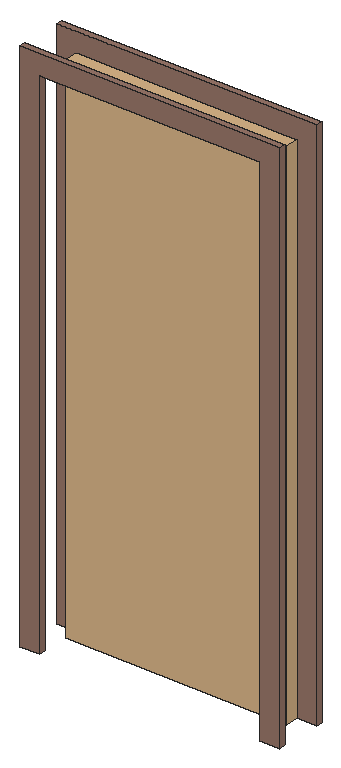
Revit family "7daaa894b37c4251826bebc73cd6b651", category Puertas, Revit 2026
Family settings
  Anfitrión = Muro
  Siempre vertical = Sí
  Corte con vacíos al cargar = No
  Compartido = No
  Punto de cálculo de habitación = No
Parameters (values of type "850 x 2000mm")
  Visual Light Transmittance = 0
  Grosor = 50 mm
  Resistencia térmica (R) = 0.455703 (m²·K)/W
  Ángulo de batiente [instance] = 90.00°
  Solar Heat Gain Coefficient = 0
  Definir propiedades térmicas por = Tipo esquemático
  ID de tipo de construcción = "DOOR"
  Coeficiente de transferencia de calor (U) = 2.19465 W/(m²·K)
  Función = Interior
  Material de panel = Madera - Abedul - Sólido tinte claro brillo reducido
  Material de cubrejuntas = Pintura - Siena
  Altura = 2000 mm
  Proyección cubrejuntas ext = 25 mm
  Proyección cubrejuntas int = 25 mm
  Anchura de cubrejuntas = 80 mm
  Cierre de muro = Por anfitrión
  Anchura = 850 mm
  Construcción analítica = "Madera"
Reference planes
  plane 1 "Centro(Frontal/Posterior)": y = 0
  plane 2: z = 0
  plane 3 "Centro (Izquierda/Derecha)": x = 0
  plane 4 "Izquierda": x = -425
  plane 5 "Derecha": x = 425
  plane 6 "Parte superior": z = 2000
  plane 7: y = 76.2
Forms (mm)
  Extrusion 1, solid, material "Madera - Abedul - Sólido tinte claro brillo reducido" <- "Material de panel"
    sketch origin (0, 0, 0) x (1, 0, 0) y (0, 0, 1)
      loop
        line (-425, 2000) -> (-425, 0) -> (425, 0) -> (425, 2000) -> (-425, 2000)
    from -76.2 to -26.2
  Extrusion 2, solid, material "Pintura - Siena" <- "Material de cubrejuntas", detail levels fine
    sketch origin (-1524, -76.2, 0) x (1, 0, 0) y (0, 0, 1)
      loop
        line (1022.8, 2076.2) -> (1022.8, 0) -> (1099, 0) -> (1099, 2000) -> (1949, 2000) -> (1949, 0) -> (2025.2, 0) -> (2025.2, 2076.2) -> (1022.8, 2076.2)
    from 0 to 25
  Extrusion 3, solid, material "Pintura - Siena" <- "Material de cubrejuntas", detail levels fine
    sketch origin (-1524, 76.2, 0) x (-1, 0, 0) y (0, 0, 1)
      loop
        line (-2025.2, 2076.2) -> (-2025.2, 0) -> (-1949, 0) -> (-1949, 2000) -> (-1099, 2000) -> (-1099, 0) -> (-1022.8, 0) -> (-1022.8, 2076.2) -> (-2025.2, 2076.2)
    from 0 to 25
Lines and regions (mm)
  Opening 1
    outline origin (-1524, -76.2, 3657.6) x (0, 0, -1) y (1, 0, 0)
      loop
        line (1657.6, 1099) -> (3657.6, 1099) -> (3657.6, 1949) -> (1657.6, 1949) -> (1657.6, 1099)
  symbolic lines, style "Batiente de alzado"
    curve 1: line (-425, 0, 2000) -> (425, 0, 1000)
    curve 2: line (-425, 0, 0) -> (425, 0, 1000)
Dimensions and locks
  equal spacing: plane 4 "Izquierda", plane 3 "Centro (Izquierda/Derecha)", plane 5 "Derecha"
  "Anchura": plane 4 "Izquierda" to plane 5 "Derecha"
  "Altura": plane 6 "Parte superior" to plane 2
  "Proyección cubrejuntas ext": Extrusion 3 to host wall
  "Proyección cubrejuntas int": Extrusion 2 to host wall
  "Grosor": Extrusion 1 to host wall
  equal spacing: plane 6 "Parte superior", curve 2, level
  aligned and locked: host wall to Extrusion 1
  aligned and locked: Extrusion 2 to Extrusion 3 sketch curve
  aligned and locked: Extrusion 3 sketch curve to Extrusion 2  (x2)
  aligned and locked: plane 7 to host wall
  aligned and locked: plane 7 to Extrusion 1
  aligned and locked: nested 1 to plane 7
  aligned and locked: nested 1 to plane 5 "Derecha"
Automatic sketch dimensions
  Opening 1 sketch curve to plane 6 "Parte superior" = 0 mm
  Opening 1 sketch curve to level = 0 mm
  Opening 1 sketch curve to plane 4 "Izquierda" = 0 mm
  Opening 1 sketch curve to plane 5 "Derecha" = 0 mm
  Extrusion 1 sketch curve to plane 4 "Izquierda" = 0 mm
  Extrusion 1 sketch curve to plane 5 "Derecha" = 0 mm
  Extrusion 1 sketch curve to level = 0 mm
  Extrusion 1 sketch curve to plane 6 "Parte superior" = 0 mm
  Extrusion 2 sketch curve to level = 0 mm  (x2)
  Extrusion 2 sketch curve to plane 4 "Izquierda" = 0 mm
  Extrusion 2 sketch curve to plane 5 "Derecha" = 0 mm
  Extrusion 2 sketch curve to plane 6 "Parte superior" = 0 mm
  Extrusion 3 sketch curve to level = 0 mm  (x2)
  Extrusion 3 sketch curve to plane 5 "Derecha" = 0 mm
  Extrusion 3 sketch curve to plane 4 "Izquierda" = 0 mm
  Extrusion 3 sketch curve to plane 6 "Parte superior" = 0 mm
  curve 1 to plane 4 "Izquierda" = 0 mm
  curve 1 to plane 6 "Parte superior" = 0 mm
  curve 2 to plane 5 "Derecha" = 0 mm
  curve 2 to level = 0 mm
  curve 2 to plane 4 "Izquierda" = 0 mm
  plane 4 "Izquierda" to Extrusion 2 sketch curve = 76.2 mm
  Extrusion 2 sketch curve to Extrusion 2 sketch curve = 76.2 mm
  Extrusion 2 sketch curve to plane 6 "Parte superior" = 76.2 mm
Nested families
  nested 1: "Batiente de puerta-Simple" at (425, 76.2, 0), Ángulo de batiente <- "Ángulo de batiente", type "Única"
    with Batiente visible yes, Ángulo de batiente 90.00°, Ángulo real 90.00°
Definition of nested family "Batiente de puerta-Simple"
  Parameters (values of type "Única")
    Width = 900 mm
    Thickness = 45 mm
    Batiente visible [instance] = Ángulo de batiente > 1.00°  # yes
    Ángulo de batiente [instance] = 45.00°
    Analytic Construction = "<Ninguno>"
    Ángulo real [instance] = if(Ángulo de batiente < 1.00°, 1.00°, Ángulo de batiente)  # 45.00°
  Reference planes
    plane 1 "Centro (Frontal/Posterior)": y = 0
    plane 2: z = 0
    plane 3 "Centro (Izquierda/Derecha)": x = 0
    plane 4: x = -900
  Lines and regions (mm)
    Masking region 1
      outline origin (0, 0, 0) x (-0.707107, 0.707107, 0) y (-0.707107, -0.707107, 0)
        loop
          line (0, 0) -> (900, 0) -> (900, 45) -> (0, 45) -> (0, 0)
    symbolic lines
      curve 1: line (0, 0, 0) -> (-900, 0, 0)
    symbolic lines, visible <- "Batiente visible"
      curve 2: arc (-900, 0, 0) -> (-831.492, 344.415, 0) -> (-636.396, 636.396, 0) r 900
    reference lines
      curve 3: line (0, 0, 0) -> (-636.396, 636.396, 0)
    model lines
      curve 4: line (0, 0, 0) -> (0, 0, 25.4)
  Dimensions and locks
    "Width": plane 4 to plane 3 "Centro (Izquierda/Derecha)"
    locked: curve 2 to plane 3 "Centro (Izquierda/Derecha)"
    locked: curve 2 to plane 1 "Centro (Frontal/Posterior)"
    "Width": curve 3 to curve 3
    "Thickness": Masking region 1 sketch curve to Masking region 1 sketch curve
    locked: curve 4 to plane 2 at 25.4
    "Width": radius of curve 2
    "Ángulo real": angle curve 2 to curve 2
    "Ángulo de batiente": angle curve 3 to plane 1 "Centro (Frontal/Posterior)"
    aligned and locked: curve 1 to plane 1 "Centro (Frontal/Posterior)"
    aligned and locked: plane 3 "Centro (Izquierda/Derecha)" to curve 1
    aligned and locked: plane 3 "Centro (Izquierda/Derecha)" to curve 3
    aligned and locked: plane 1 "Centro (Frontal/Posterior)" to curve 3
    aligned and locked: curve 3 to Masking region 1 sketch curve
    aligned and locked: Masking region 1 sketch curve to curve 3  (x2)
    aligned and locked: plane 3 "Centro (Izquierda/Derecha)" to curve 4
    aligned and locked: plane 2 to curve 4
